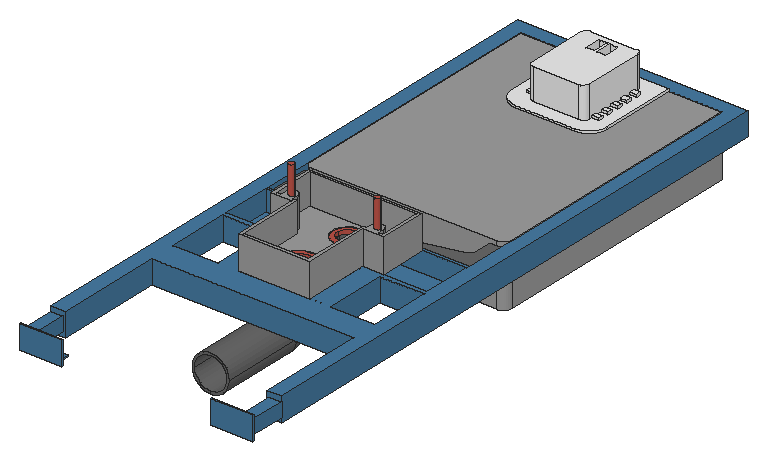
Revit family "In_Wall_Carrier-Grohe-Rapid_SLX- 39602000", category Plumbing Fixtures, host Face, Revit 2019
Family settings
  Host = Face
  Round Connector Dimension = Use Radius
  Part Type = Normal
  OmniClass Number = 23.45.05.21.14
  OmniClass Title = Sanitary Disposal Components
  Cut with Voids When Loaded = No
  Shared = Yes
  Room Calculation Point = No
Parameters (values of type "39602000")
  Width = 2"
  Waste Connection Height = 9 1/16"
  Waste Connection Diameter = 3 1/8"
  Waste Connection = yes
  Vent Connection = no
  URL = "https://www.grohe.us/"
  Type Comments = "For use with 6 ¼” x 7 ¾” (156 x 197mm) flush plates, please order shaft 66 791 000 (sold\r\nseparately)"
  Top Box Projection Constraint = if(Top Box Projection < 3/8", 3/8", if(Top Box Projection > 2 3/4", 2 3/4", Top Box Projection))  # 2 3/4"
  Top Box Projection = 2 3/4"
  Product Page URL = "https://www.grohe.us/Wall-Carrier-Flush-Valves/SLX-2-x-6-In-Wall-Carrier-and-Tank-For-Toilet/GROHE-NO-FINISH-39602000"
  Product Documentation Link = "https://americanstandard.box.com/shared/static/jkwt69pfm9tr5d8ar5vhsghrvmhoqrng.pdf"
  Model = "39602000"
  Material = "Steel-Grohe-Powder Coated"
  Manufacturer = "GROHE"
  Length = 19 7/16"
  Installation Type = "Floor Mounted"
  Inlet Connection Diameter = 1/2"
  Height = 44 1/2"
  HW Connection = no
  Flush Rate = "0.8-1.6gpf (3-6lpf)"
  Floor Depth Constraint = if(Floor Depth > 7 7/8", 7 7/8", Floor Depth)  # 7 7/8"
  Floor Depth = 7 7/8"
  Finish = Steel-Grohe-Powder Coated
  Description = "Rapid SLX 2” x 6” In-Wall Carrier"
  Default Elevation = 0"
  Creation Date = "10/13/2022"  # constant formula
  Compliance Certifications = "Massachusetts Plumbing Board Approved • ASSE 1002 • CSA B45.15 • CSA B125.3 • CSA B125.12 • ASME A112.6.2 • ASME A112.19.5 • ASME A112.1002"
  CalGreen Compliant = yes
  CW Connection = yes
  Back Outlet Piping Constraints = if(Back Outlet Piping < 5 5/16", 5 5/16", if(Back Outlet Piping > 6 1/8", 6 1/8", Back Outlet Piping))  # 5 5/16"
  Back Outlet Piping = 5 5/16"
  Assembly Code = "D2030400"
  ADA Compliant = yes
Reference planes (in)
  plane 1 "Center (Front/Back)": y = 0
  plane 2: z = 0
  plane 3 "Center (Left/Right)": x = 0
  plane 4: x = 9.875
  plane 5: x = -9.875
  plane 6: x = -9.71875
  plane 7: x = 9.71875
  plane 8: y = 44.5
  plane 9: y = -7.875
  plane 10: y = 9.0625
  plane 11: y = 39.375
  plane 12: z = -5.125
  plane 13: z = -2
  plane 14: z = 2.75
  plane 15: z = -5.3125
  plane 16: z = -3.75
Forms (in)
  Extrusion 1, solid, material "Steel-Grohe-Powder Coated"
    sketch origin (0, -7.875, -1) x (1, 0, 0) y (0, 1, 0)
      loop
        line (-8.71832, 3.14961) -> (-9.71875, 3.14961) -> (-9.71875, 0.11811) -> (-8.71832, 0.11811) -> (-8.71832, 3.14961)
      loop
        line (8.71832, 3.14961) -> (8.71832, 0.11811) -> (9.71875, 0.11811) -> (9.71875, 3.14961) -> (8.71832, 3.14961)
    from -0.60029 to 0.5816
  Extrusion 2, solid, material "Steel-Grohe-Powder Coated"
    sketch origin (0, -7.875, -1) x (1, 0, 0) y (0, 1, 0)
      loop
        line (-6.29921, 0.11811) -> (-9.84252, 0.11811) -> (-9.84252, 0) -> (-6.29921, 0) -> (-6.29921, 0.11811)
      loop
        line (6.29921, 0.11811) -> (6.29921, 0) -> (9.84252, 0) -> (9.84252, 0.11811) -> (6.29921, 0.11811)
    from -1 to 1
  Sweep 3, solid, material "Plastic-Grohe-PVC-Black"
    path origin (0, -1.26544, -1) x (0, 0, -1) y (0, 1, 0)
      loop
        line (-1, 15.65748) -> (0.93257, 15.65748)
        arc (0.93257, 15.65748) -> (1.62107, 15.94266) -> (1.90625, 16.63116) r 0.97368
        line (1.90625, 16.63116) -> (1.90625, 22.7395)
    profile origin (0, 14.39204, -0.96629) x (1, 0, 0) y (0, 1, 0)
      loop
        circle (0, 0) r 0.75
      loop
        circle (0, 0) r 0.84646
  Extrusion 4, solid, material "Steel-Grohe-Powder Coated"
    sketch origin (0, -11.24591, -1) x (1, 0, 0) y (0, 1, 0)
      loop
        line (-9.71875, 6.52052) -> (-8.50517, 6.52052) -> (-8.50517, 15.63764) -> (8.50517, 15.63764) -> (8.50517, 6.52052) -> (9.71875, 6.52052) -> (9.71875, 55.74591) -> (-9.71875, 55.74591) -> (-9.71875, 6.52052)
      loop
        line (-8.50517, 54.56481) -> (-8.50517, 27.91601) -> (8.50517, 27.91601) -> (8.50517, 54.56481) -> (-8.50517, 54.56481)
      loop
        line (8.50517, 23.15757) -> (4.75517, 23.15757) -> (4.75517, 17.98143) -> (3.00517, 17.98143) -> (3.00517, 23.15757) -> (-0.05431, 23.15757) -> (-3.00517, 23.15757) -> (-3.00517, 17.98143) -> (-4.75517, 17.98143) -> (-4.75517, 23.15757) -> (-8.50517, 23.15757) -> (-8.50517, 17.88764) -> (8.50517, 17.88764) -> (8.50517, 23.15757)
    from -1 to 1
  Extrusion 5, solid, material "Steel-Grohe-Powder Coated"
    sketch origin (0, -7.875, -1) x (1, 0, 0) y (0, 1, 0)
      loop
        arc (-8.38583, 1.20079) -> (-8.4415, 1.17772) -> (-8.46457, 1.12205) r 0.07874
        line (-8.46457, 1.12205) -> (-8.46457, 0.11811) -> (-6.69291, 0.11811) -> (-6.69291, 1.12205)
        arc (-6.69291, 1.12205) -> (-6.71598, 1.17772) -> (-6.77165, 1.20079) r 0.07874
        line (-6.77165, 1.20079) -> (-8.38583, 1.20079)
      loop
        line (8.38583, 1.20079) -> (6.77165, 1.20079)
        arc (6.77165, 1.20079) -> (6.71598, 1.17772) -> (6.69291, 1.12205) r 0.07874
        line (6.69291, 1.12205) -> (6.69291, 0.11811) -> (8.46457, 0.11811) -> (8.46457, 1.12205)
        arc (8.46457, 1.12205) -> (8.4415, 1.17772) -> (8.38583, 1.20079) r 0.07874
    from -0.93307 to -0.81496
  Extrusion 6, solid, material "Plastic-Grohe-PVC-Red"
    sketch origin (0, -1.34803, -1) x (1, 0, 0) y (0, 1, 0)
      loop
        circle (3.63017, 14.38468) r 0.23622
      loop
        circle (-3.63017, 14.38468) r 0.23622
    from -0.75575 to 6.10236
  Sweep 7, solid, material "Plastic-Grohe-PVC-Black"
    path origin (0, -1.27215, -0.85938) x (0, 0, -1) y (0, 1, 0)
      loop
        line (-0.85938, 10.33465) -> (0.85682, 10.33465)
        arc (0.85682, 10.33465) -> (2.29494, 9.73896) -> (2.89062, 8.30084) r 2.03381
        line (2.89062, 8.30084) -> (2.89062, 1.27215)
    profile origin (0, 9.0625, -0.8581) x (1, 0, 0) y (0, 1, 0)
      loop
        circle (0, 0) r 1.5625
      loop
        circle (0, 0) r 1.37533
  Extrusion 8, solid, material "Plastic-Grohe-PVC-White"
    sketch origin (0, -1.27215, -1) x (1, 0, 0) y (0, 1, 0)
      loop
        arc (-2.61811, 9.52638) -> (-2.59539, 9.47154) -> (-2.54055, 9.44882) r 0.07756
        line (-2.54055, 9.44882) -> (-2.06186, 9.44882)
        arc (-2.06186, 9.44882) -> (0, 12.57874) -> (2.06186, 9.44882) r 2.24409
        line (2.06186, 9.44882) -> (2.5398, 9.44882)
        arc (2.5398, 9.44882) -> (2.59518, 9.47175) -> (2.61811, 9.52712) r 0.07831
        line (2.61811, 9.52712) -> (2.61811, 13.4252) -> (-2.61811, 13.4252) -> (-2.61811, 9.52638)
    from 0.69916 to 1
  Extrusion 9, solid, material "Plastic-Grohe-PVC-White"
    sketch origin (0, -0.75333, -1) x (1, 0, 0) y (0, 1, 0)
      loop
        line (-2.40157, 42.75461) -> (-2.40157, 37.67343)
        arc (-2.40157, 37.67343) -> (-2.25513, 37.31988) -> (-1.90157, 37.17343) r 0.5
        line (-1.90157, 37.17343) -> (1.90157, 37.17343)
        arc (1.90157, 37.17343) -> (2.25513, 37.31988) -> (2.40157, 37.67343) r 0.5
        line (2.40157, 37.67343) -> (2.40157, 42.75461)
        arc (2.40157, 42.75461) -> (2.25513, 43.10816) -> (1.90157, 43.25461) r 0.5
        line (1.90157, 43.25461) -> (-1.90157, 43.25461)
        arc (-1.90157, 43.25461) -> (-2.25513, 43.10816) -> (-2.40157, 42.75461) r 0.5
      loop
        line (-0.85601, 42.74482) -> (-0.85601, 41.3464) -> (-0.10601, 41.3464) -> (-0.10601, 42.74482) -> (-0.85601, 42.74482)
      loop
        line (0.85601, 42.74482) -> (0.10601, 42.74482) -> (0.10601, 41.3464) -> (0.85601, 41.3464) -> (0.85601, 42.74482)
    from 0 to 3.75
  Extrusion 10, solid, material "Plastic-Grohe-PVC-White"
    sketch origin (0, -13.51184, -1) x (1, 0, 0) y (0, 1, 0)
      loop
        line (-4, 56.83074) -> (-4, 50.25712)
        arc (-4, 50.25712) -> (-3.56066, 49.19646) -> (-2.5, 48.75712) r 1.5
        line (-2.5, 48.75712) -> (2.5, 48.75712)
        arc (2.5, 48.75712) -> (3.56066, 49.19646) -> (4, 50.25712) r 1.5
        line (4, 50.25712) -> (4, 56.83074) -> (-4, 56.83074)
    from 0 to 1.15646
  Revolve 11, solid, material "Steel-Grohe-Powder Coated"
    sketch origin (-2, -7.875, -1) x (1, 0, 0) y (0, 1, 0)
      loop
        arc (-6.25984, 0.31102) -> (-6.31552, 0.28796) -> (-6.33858, 0.23228) r 0.07874
        line (-6.33858, 0.23228) -> (-6.33858, 0.13906)
        arc (-6.33858, 0.13906) -> (-6.33245, 0.12425) -> (-6.31764, 0.11811) r 0.02095
        line (-6.31764, 0.11811) -> (-5.98425, 0.11811) -> (-5.98425, 0.31102) -> (-6.25984, 0.31102)
      axis (-5.98425, 0.11811) -> (-5.98425, 0.31102)
    angle from 0 to 360
  Revolve 12, solid, material "Steel-Grohe-Powder Coated"
    sketch origin (-1.17323, -7.875, -1) x (1, 0, 0) y (0, 1, 0)
      loop
        arc (-6.25984, 0.31102) -> (-6.31552, 0.28796) -> (-6.33858, 0.23228) r 0.07874
        line (-6.33858, 0.23228) -> (-6.33858, 0.13906)
        arc (-6.33858, 0.13906) -> (-6.33245, 0.12425) -> (-6.31764, 0.11811) r 0.02095
        line (-6.31764, 0.11811) -> (-5.98425, 0.11811) -> (-5.98425, 0.31102) -> (-6.25984, 0.31102)
      axis (-5.98425, 0.11811) -> (-5.98425, 0.31102)
    angle from 0 to 360
  Revolve 13, solid, material "Steel-Grohe-Powder Coated"
    sketch origin (2, -7.875, -1) x (-1, 0, 0) y (0, -1, 0)
      loop
        line (-6.25984, -0.31102) -> (-5.98425, -0.31102) -> (-5.98425, -0.11811) -> (-6.31764, -0.11811)
        arc (-6.31764, -0.11811) -> (-6.33245, -0.12425) -> (-6.33858, -0.13906) r 0.02095
        line (-6.33858, -0.13906) -> (-6.33858, -0.23228)
        arc (-6.33858, -0.23228) -> (-6.31552, -0.28796) -> (-6.25984, -0.31102) r 0.07874
      axis (-5.98425, -0.11811) -> (-5.98425, -0.31102)
    angle from 0 to 360
  Revolve 14, solid, material "Steel-Grohe-Powder Coated"
    sketch origin (1.17323, -7.875, -1) x (-1, 0, 0) y (0, -1, 0)
      loop
        line (-6.25984, -0.31102) -> (-5.98425, -0.31102) -> (-5.98425, -0.11811) -> (-6.31764, -0.11811)
        arc (-6.31764, -0.11811) -> (-6.33245, -0.12425) -> (-6.33858, -0.13906) r 0.02095
        line (-6.33858, -0.13906) -> (-6.33858, -0.23228)
        arc (-6.33858, -0.23228) -> (-6.31552, -0.28796) -> (-6.25984, -0.31102) r 0.07874
      axis (-5.98425, -0.11811) -> (-5.98425, -0.31102)
    angle from 0 to 360
  Revolve 15, solid, material "Plastic-Grohe-PVC-Black"
    sketch origin (0, 1.75409, 0) x (0, 0, -1) y (0, 1, 0)
      loop
        arc (4.19131, 19.00174) -> (4.2753, 19.19037) -> (4.46674, 19.26772) r 0.27559
        line (4.46674, 19.26772) -> (3.05173, 19.26772) -> (3.05173, 18.48031) -> (4.13509, 18.48031)
        arc (4.13509, 18.48031) -> (4.16243, 18.49136) -> (4.17443, 18.51831) r 0.03937
        line (4.17443, 18.51831) -> (4.19131, 19.00174)
      axis (3.05173, 19.26772) -> (3.05173, 18.48031)
    angle from 0 to 360
  Revolve 16, solid, material "Plastic-Grohe-PVC-Red"
    sketch origin (0, -1.27215, -1.14063) x (0, 0, -1) y (0, 1, 0)
      loop
        arc (-1.34449, 12.5) -> (-1.41409, 12.47117) -> (-1.44291, 12.40157) r 0.09843
        line (-1.44291, 12.40157) -> (-1.44291, 12.34265)
        arc (-1.44291, 12.34265) -> (-1.45448, 12.31472) -> (-1.48242, 12.30315) r 0.0395
        line (-1.48242, 12.30315) -> (-1.56102, 12.30315) -> (-1.56102, 11.89716) -> (-1.14063, 11.89716) -> (-1.14063, 12.5) -> (-1.34449, 12.5)
      axis (-1.14063, 10.33465) -> (-1.56102, 10.33465)
    angle from 0 to 360
  Extrusion 17, solid, material "Plastic-Grohe-PVC-Red"
    sketch origin (0, 1.75409, 0) x (1, 0, 0) y (0, 1, 0)
      loop
        circle (0, 12.6378) r 0.84646
      loop
        circle (0, 12.6378) r 1.24016
    from 0 to 0.29515
  Extrusion 18, solid, material "Plastic-Grohe-PVC-Grey"
    sketch origin (0, 0, 0) x (1, 0, 0) y (0, 1, 0)
      loop
        line (-3.00517, 6.64173) -> (3.00517, 6.64173) -> (3.00517, 12.28665) -> (4.75517, 12.28665) -> (4.75517, 16.2951) -> (-4.75517, 16.2951) -> (-4.75517, 12.28665) -> (-3.00517, 12.28665) -> (-3.00517, 6.64173)
      loop
        line (-4.50517, 12.53665) -> (-4.13017, 12.53665) -> (-4.13017, 13.03665)
        arc (-4.13017, 13.03665) -> (-3.63017, 13.53665) -> (-3.13017, 13.03665) r 0.5
        line (-3.13017, 13.03665) -> (-3.13017, 12.53665) -> (-2.75517, 12.53665) -> (-2.75517, 6.89173) -> (2.75517, 6.89173) -> (2.75517, 12.53665) -> (3.13017, 12.53665) -> (3.13017, 13.03665)
        arc (3.13017, 13.03665) -> (3.63017, 13.53665) -> (4.13017, 13.03665) r 0.5
        line (4.13017, 13.03665) -> (4.13017, 12.53665) -> (4.50517, 12.53665) -> (4.50517, 16.0451) -> (-4.50517, 16.0451) -> (-4.50517, 12.53665)
    from 0 to 2.81693
  Extrusion 19, solid, material "Plastic-Grohe-PVC-White"
    sketch origin (0, 0, 0) x (1, 0, 0) y (0, 1, 0)
      loop
        line (-2.40157, 41.52493) -> (-3.02171, 41.52493) -> (-3.02171, 41.11756) -> (-2.40157, 41.11756) -> (-2.40157, 41.52493)
      loop
        line (-2.40157, 40.52493) -> (-3.02171, 40.52493) -> (-3.02171, 40.11756) -> (-2.40157, 40.11756) -> (-2.40157, 40.52493)
      loop
        line (-2.40157, 39.52493) -> (-3.02171, 39.52493) -> (-3.02171, 39.11756) -> (-2.40157, 39.11756) -> (-2.40157, 39.52493)
      loop
        line (-2.40157, 38.52493) -> (-3.02171, 38.52493) -> (-3.02171, 38.11756) -> (-2.40157, 38.11756) -> (-2.40157, 38.52493)
      loop
        line (-2.40157, 37.52493) -> (-3.02171, 37.52493) -> (-3.02171, 37.11756) -> (-2.40157, 37.11756) -> (-2.40157, 37.52493)
      loop
        line (2.40157, 41.52493) -> (2.40157, 41.11756) -> (3.02171, 41.11756) -> (3.02171, 41.52493) -> (2.40157, 41.52493)
      loop
        line (2.40157, 40.52493) -> (2.40157, 40.11756) -> (3.02171, 40.11756) -> (3.02171, 40.52493) -> (2.40157, 40.52493)
      loop
        line (2.40157, 39.52493) -> (2.40157, 39.11756) -> (3.02171, 39.11756) -> (3.02171, 39.52493) -> (2.40157, 39.52493)
      loop
        line (2.40157, 38.52493) -> (2.40157, 38.11756) -> (3.02171, 38.11756) -> (3.02171, 38.52493) -> (2.40157, 38.52493)
      loop
        line (2.40157, 37.52493) -> (2.40157, 37.11756) -> (3.02171, 37.11756) -> (3.02171, 37.52493) -> (2.40157, 37.52493)
    from 0 to 0.33304
  Extrusion 20, solid, material "Plastic-Grohe-PVC-Grey"
    sketch origin (0, 0, 0) x (1, 0, 0) y (0, 1, 0)
      loop
        line (-7.75517, 20.4201) -> (7.75517, 20.4201)
        arc (7.75517, 20.4201) -> (8.2855, 20.63977) -> (8.50517, 21.1701) r 0.75
        line (8.50517, 21.1701) -> (8.50517, 43.3189) -> (4, 43.3189) -> (4, 36.74528)
        arc (4, 36.74528) -> (3.56066, 35.68462) -> (2.5, 35.24528) r 1.5
        line (2.5, 35.24528) -> (-2.5, 35.24528)
        arc (-2.5, 35.24528) -> (-3.56066, 35.68462) -> (-4, 36.74528) r 1.5
        line (-4, 36.74528) -> (-4, 43.3189) -> (-8.50517, 43.3189) -> (-8.50517, 21.1701)
        arc (-8.50517, 21.1701) -> (-8.2855, 20.63977) -> (-7.75517, 20.4201) r 0.75
    from -5.125 to 0
  Extrusion 21, void
    sketch origin (0, 0, 0) x (1, 0, 0) y (0, 1, 0)
      loop
        line (-8.51056, 16.38809) -> (-8.51056, 12.1929) -> (8.48944, 12.1929) -> (8.48944, 16.38809) -> (-8.51056, 16.38809)
    from -1.69891 to 0
  Extrusion 22, solid, material "Steel-Grohe-Powder Coated", not visible
    sketch origin (0, -11.24591, -1) x (1, 0, 0) y (0, 1, 0)
      loop
        line (-8.71832, 3.14961) -> (-9.71875, 3.14961) -> (-9.71875, 0.11811) -> (-8.71832, 0.11811) -> (-8.71832, 3.14961)
      loop
        line (8.71832, 3.14961) -> (8.71832, 0.11811) -> (9.71875, 0.11811) -> (9.71875, 3.14961) -> (8.71832, 3.14961)
    from -0.60029 to 0.5816
  Extrusion 23, solid, material "Steel-Grohe-Powder Coated", not visible
    sketch origin (0, -11.24591, -1) x (1, 0, 0) y (0, 1, 0)
      loop
        line (-6.29921, 0.11811) -> (-9.84252, 0.11811) -> (-9.84252, 0) -> (-6.29921, 0) -> (-6.29921, 0.11811)
      loop
        line (6.29921, 0.11811) -> (6.29921, 0) -> (9.84252, 0) -> (9.84252, 0.11811) -> (6.29921, 0.11811)
    from -1 to 1
  Extrusion 24, solid, material "Steel-Grohe-Powder Coated", not visible
    sketch origin (0, -11.24591, -1) x (1, 0, 0) y (0, 1, 0)
      loop
        arc (-8.38583, 1.20079) -> (-8.4415, 1.17772) -> (-8.46457, 1.12205) r 0.07874
        line (-8.46457, 1.12205) -> (-8.46457, 0.11811) -> (-6.69291, 0.11811) -> (-6.69291, 1.12205)
        arc (-6.69291, 1.12205) -> (-6.71598, 1.17772) -> (-6.77165, 1.20079) r 0.07874
        line (-6.77165, 1.20079) -> (-8.38583, 1.20079)
      loop
        line (8.38583, 1.20079) -> (6.77165, 1.20079)
        arc (6.77165, 1.20079) -> (6.71598, 1.17772) -> (6.69291, 1.12205) r 0.07874
        line (6.69291, 1.12205) -> (6.69291, 0.11811) -> (8.46457, 0.11811) -> (8.46457, 1.12205)
        arc (8.46457, 1.12205) -> (8.4415, 1.17772) -> (8.38583, 1.20079) r 0.07874
    from -0.93307 to -0.81496
  Revolve 25, solid, material "Steel-Grohe-Powder Coated", not visible
    sketch origin (-2, -11.24591, -1) x (1, 0, 0) y (0, 1, 0)
      loop
        arc (-6.25984, 0.31102) -> (-6.31552, 0.28796) -> (-6.33858, 0.23228) r 0.07874
        line (-6.33858, 0.23228) -> (-6.33858, 0.13906)
        arc (-6.33858, 0.13906) -> (-6.33245, 0.12425) -> (-6.31764, 0.11811) r 0.02095
        line (-6.31764, 0.11811) -> (-5.98425, 0.11811) -> (-5.98425, 0.31102) -> (-6.25984, 0.31102)
      axis (-5.98425, 0.11811) -> (-5.98425, 0.31102)
    angle from 0 to 360
  Revolve 26, solid, material "Steel-Grohe-Powder Coated", not visible
    sketch origin (-1.17323, -11.24591, -1) x (1, 0, 0) y (0, 1, 0)
      loop
        arc (-6.25984, 0.31102) -> (-6.31552, 0.28796) -> (-6.33858, 0.23228) r 0.07874
        line (-6.33858, 0.23228) -> (-6.33858, 0.13906)
        arc (-6.33858, 0.13906) -> (-6.33245, 0.12425) -> (-6.31764, 0.11811) r 0.02095
        line (-6.31764, 0.11811) -> (-5.98425, 0.11811) -> (-5.98425, 0.31102) -> (-6.25984, 0.31102)
      axis (-5.98425, 0.11811) -> (-5.98425, 0.31102)
    angle from 0 to 360
  Revolve 27, solid, material "Steel-Grohe-Powder Coated", not visible
    sketch origin (2, -11.24591, -1) x (-1, 0, 0) y (0, -1, 0)
      loop
        line (-6.25984, -0.31102) -> (-5.98425, -0.31102) -> (-5.98425, -0.11811) -> (-6.31764, -0.11811)
        arc (-6.31764, -0.11811) -> (-6.33245, -0.12425) -> (-6.33858, -0.13906) r 0.02095
        line (-6.33858, -0.13906) -> (-6.33858, -0.23228)
        arc (-6.33858, -0.23228) -> (-6.31552, -0.28796) -> (-6.25984, -0.31102) r 0.07874
      axis (-5.98425, -0.11811) -> (-5.98425, -0.31102)
    angle from 0 to 360
  Revolve 28, solid, material "Steel-Grohe-Powder Coated", not visible
    sketch origin (1.17323, -11.24591, -1) x (-1, 0, 0) y (0, -1, 0)
      loop
        line (-6.25984, -0.31102) -> (-5.98425, -0.31102) -> (-5.98425, -0.11811) -> (-6.31764, -0.11811)
        arc (-6.31764, -0.11811) -> (-6.33245, -0.12425) -> (-6.33858, -0.13906) r 0.02095
        line (-6.33858, -0.13906) -> (-6.33858, -0.23228)
        arc (-6.33858, -0.23228) -> (-6.31552, -0.28796) -> (-6.25984, -0.31102) r 0.07874
      axis (-5.98425, -0.11811) -> (-5.98425, -0.31102)
    angle from 0 to 360
  Extrusion 29, solid, material "Plastic-Grohe-PVC-Grey"
    sketch origin (0, 0, 0) x (1, 0, 0) y (0, 1, 0)
      loop
        line (4.75517, 16.2951) -> (-4.75517, 16.2951) -> (-4.75517, 12.28665) -> (-3.00517, 12.28665) -> (-3.00517, 6.64173) -> (3.00517, 6.64173) -> (3.00517, 12.28665) -> (4.75517, 12.28665) -> (4.75517, 16.2951)
      loop
        circle (0, 14.39188) r 1.24016
      loop
        circle (0, 9.0625) r 1.9685
    from 0 to 0.29515
  Extrusion 30, solid, material "Plastic-Grohe-PVC-Black"
    sketch origin (0, 0, 0) x (1, 0, 0) y (0, 1, 0)
      loop
        line (-8.50517, 16.45774) -> (-1.70375, 16.45774)
        arc (-1.70375, 16.45774) -> (-1.54983, 16.51074) -> (-1.46118, 16.64726) r 0.25
        line (-1.46118, 16.64726) -> (-1.42726, 16.78328)
        arc (-1.42726, 16.78328) -> (-1.45554, 16.97252) -> (-1.60935, 17.08634) r 0.25
        line (-1.60935, 17.08634) -> (-6.87613, 18.39949)
        arc (-6.87613, 18.39949) -> (-7.14917, 18.57681) -> (-7.25517, 18.88464) r 0.5
        line (-7.25517, 18.88464) -> (-7.25517, 20.4201) -> (-8.50517, 20.4201) -> (-8.50517, 16.45774)
      loop
        line (8.50517, 16.45774) -> (8.50517, 20.4201) -> (7.25517, 20.4201) -> (7.25517, 18.88464)
        arc (7.25517, 18.88464) -> (7.14917, 18.57681) -> (6.87613, 18.39949) r 0.5
        line (6.87613, 18.39949) -> (1.60935, 17.08634)
        arc (1.60935, 17.08634) -> (1.45554, 16.97252) -> (1.42726, 16.78328) r 0.25
        line (1.42726, 16.78328) -> (1.46117, 16.64726)
        arc (1.46117, 16.64726) -> (1.54983, 16.51074) -> (1.70375, 16.45774) r 0.25
        line (1.70375, 16.45774) -> (8.50517, 16.45774)
    from -1.27251 to -0.31317
Cuts and joins
  Extrusion 21 cuts Extrusion 4
  joined: Sweep 3, Revolve 15
  joined: Revolve 16, Extrusion 17
  joined: Extrusion 18, Extrusion 29
Lines and regions (in)
  Masking region 1, detail levels medium+fine
    outline origin (-12.31299, 44.5, -1) x (1, 0, 0) y (0, 0, -1)
      loop
        line (2.47047, -1) -> (22.15551, -1) -> (22.15551, 1) -> (20.81816, 1) -> (20.81816, 4.125) -> (13.05514, 4.125)
        arc (13.05514, 4.125) -> (12.31299, 4.3125) -> (11.57085, 4.125) r 1.5625
        line (11.57085, 4.125) -> (3.80782, 4.125) -> (3.80782, 1) -> (2.47047, 1) -> (2.47047, -1)
  Masking region 2
    outline origin (9.84252, 44.5, 0) x (0, 0, 1) y (1, 0, 0)
      loop
        line (0, -5.08735) -> (0, -14.59769) -> (2.81693, -14.59769) -> (2.81693, -13.70891) -> (5.10236, -13.70891) -> (5.10236, -13.23647) -> (2.81693, -13.23647) -> (2.81693, -6.44857) -> (5.10236, -6.44857) -> (5.10236, -5.97613) -> (2.81693, -5.97613) -> (2.81693, -5.08735) -> (0, -5.08735)
  symbolic lines, detail levels medium+fine
    curve 1: line (4, 44.5, 0) -> (4, 44.5, 0.15646)
    curve 2: line (4, 44.5, 0.15646) -> (-4, 44.5, 0.15646)
    curve 3: line (-4, 44.5, 0.15646) -> (-4, 44.5, 0)
    curve 4: line (2.40157, 44.5, 2.75) -> (2.40157, 44.5, 0.15646)
    curve 5: line (2.40157, 44.5, 2.75) -> (-2.40157, 44.5, 2.75)
    curve 6: line (-2.40157, 44.5, 2.75) -> (-2.40157, 44.5, 0.15646)
    curve 9: line (3.86639, 44.5, 2.81693) -> (3.39395, 44.5, 2.81693)
    curve 10: line (-3.39395, 44.5, 2.81693) -> (-3.86639, 44.5, 2.81693)
  symbolic lines, detail levels fine
    curve 7: line (2.40157, 44.5, 0.33304) -> (3.02171, 44.5, 0.33304)
    curve 8: line (3.02171, 44.5, 0.33304) -> (3.02171, 44.5, 0.15646)
    curve 11: line (-2.40157, 44.5, 0.33304) -> (-3.02171, 44.5, 0.33304)
    curve 12: line (-3.02171, 44.5, 0.33304) -> (-3.02171, 44.5, 0.15646)
Dimensions and locks (in)
  cut or joined group of Extrusion 4, Extrusion 21 to cut or joined group of Extrusion 4, Extrusion 21 = 2"
  plane 5 to Extrusion 2 = 3.57579"
  equal spacing: plane 6, plane 3 "Center (Left/Right)", plane 7
  "Length": plane 6 to plane 7
  plane 8 to plane 1 "Center (Front/Back)" = 44 1/2"
  "Floor Depth Constraint": plane 9 to plane 1 "Center (Front/Back)"
  plane 1 "Center (Front/Back)" to plane 10 = 9 1/16"
  plane 1 "Center (Front/Back)" to plane 11 = 39 3/8"
  level to plane 12 = 5 1/8"
  level to plane 13 = 2"
  "Top Box Projection Constraint": plane 14 to level
  "Back Outlet Piping Constraints": level to plane 15
  locked: plane 16 to plane 15 at 1.5625
  aligned and locked: plane 2 to host face
  aligned and locked: level to host face
  aligned and locked: plane 7 to Extrusion 4 sketch curve
  aligned and locked: plane 6 to Extrusion 4 sketch curve
  aligned and locked: Extrusion 4 sketch curve to plane 8
  aligned and locked: host face to Extrusion 21
  aligned and locked: Extrusion 1 to plane 6
  aligned and locked: Extrusion 1 to plane 7
  aligned and locked: Extrusion 2 to plane 9
  aligned and locked: Extrusion 4 sketch curve to Extrusion 1
  aligned and locked: Extrusion 4 sketch curve to Extrusion 4 sketch curve
  aligned and locked: Extrusion 10 to Extrusion 9
  aligned and locked: plane 14 to Extrusion 9
  aligned and locked: plane 1 "Center (Front/Back)" to Sweep 7 sketch curve
  aligned and locked: Extrusion 20 to plane 12
  aligned and locked: plane 16 to Sweep 7 sketch curve
Automatic sketch dimensions
  host sketch curve to host sketch curve = 96"  (x2)
  Extrusion 1 sketch curve to Extrusion 1 sketch curve = 1.00043"  (x2)
  Extrusion 1 sketch curve to Extrusion 1 sketch curve = 3.0315"  (x2)
  Extrusion 2 sketch curve to Extrusion 2 sketch curve = 3.54331"  (x2)
  Extrusion 2 sketch curve to Extrusion 2 sketch curve = 0.11811"  (x2)
  Sweep 3 sketch curve to level = 0"
  Sweep 3 sketch curve to level = 1.93257"
  Sweep 3 sketch curve to Sweep 3 sketch curve = 0.97368"
  Sweep 3 sketch curve to plane 1 "Center (Front/Back)" = 14.39204"
  Sweep 3 sketch curve to Sweep 3 sketch curve = 6.10834"
  Sweep 3 sketch curve to Sweep 3 sketch curve = 0"  (x2)
  profile plane to Sweep 3 sketch curve = 0"
  Sweep 3 sketch curve to profile plane = 0"
  Extrusion 5 sketch curve to Extrusion 5 sketch curve = 0.07874"  (x4)
  Extrusion 5 sketch curve to Extrusion 5 sketch curve = 1.61417"  (x2)
  Extrusion 5 sketch curve to Extrusion 5 sketch curve = 1.00394"  (x2)
  Extrusion 8 sketch curve to plane 3 "Center (Left/Right)" = 0"
  Extrusion 8 sketch curve to plane 3 "Center (Left/Right)" = 2.06186"
  Extrusion 8 sketch curve to Extrusion 8 sketch curve = 0.47868"
  Extrusion 8 sketch curve to Extrusion 8 sketch curve = 0.07756"
  plane 3 "Center (Left/Right)" to Extrusion 8 sketch curve = 2.06186"
  Extrusion 8 sketch curve to Extrusion 8 sketch curve = 0.47794"
  Extrusion 8 sketch curve to Extrusion 8 sketch curve = 0.07831"
  Extrusion 8 sketch curve to plane 1 "Center (Front/Back)" = 8.17667"
  Extrusion 8 sketch curve to Extrusion 8 sketch curve = 0.88583"
  Extrusion 8 sketch curve to plane 1 "Center (Front/Back)" = 12.15305"
  Revolve 11 sketch curve to Revolve 11 sketch curve = 0.02095"
  Revolve 11 sketch curve to Revolve 11 sketch curve = 0.07874"
  Revolve 11 sketch curve to Revolve 11 sketch curve = 0.27559"
  Revolve 11 sketch curve to Revolve 11 sketch curve = 0.09323"
  Revolve 11 sketch curve to Revolve 11 sketch curve = 0"  (x2)
  Revolve 11 sketch curve to Revolve 11 sketch curve = 0.1538"
  Revolve 12 sketch curve to Revolve 12 sketch curve = 0.02095"
  Revolve 12 sketch curve to Revolve 12 sketch curve = 0.07874"
  Revolve 12 sketch curve to Revolve 12 sketch curve = 0.27559"
  Revolve 12 sketch curve to Revolve 12 sketch curve = 0.09323"
  Revolve 12 sketch curve to Revolve 12 sketch curve = 0"  (x2)
  Revolve 12 sketch curve to Revolve 12 sketch curve = 0.1538"
  Revolve 13 sketch curve to Revolve 13 sketch curve = 0.02095"
  Revolve 13 sketch curve to Revolve 13 sketch curve = 0.07874"
  Revolve 13 sketch curve to Revolve 13 sketch curve = 0.27559"
  Revolve 13 sketch curve to Revolve 13 sketch curve = 0.09323"
  Revolve 13 sketch curve to Revolve 13 sketch curve = 0"  (x2)
  Revolve 13 sketch curve to Revolve 13 sketch curve = 0.1538"
  Revolve 14 sketch curve to Revolve 14 sketch curve = 0.02095"
  Revolve 14 sketch curve to Revolve 14 sketch curve = 0.07874"
  Revolve 14 sketch curve to Revolve 14 sketch curve = 0.27559"
  Revolve 14 sketch curve to Revolve 14 sketch curve = 0.09323"
  Revolve 14 sketch curve to Revolve 14 sketch curve = 0"  (x2)
  Revolve 14 sketch curve to Revolve 14 sketch curve = 0.1538"
  Revolve 15 sketch curve to level = 3.05173"
  Revolve 15 sketch curve to Revolve 15 sketch curve = 1.08335"
  Revolve 15 sketch curve to Revolve 15 sketch curve = 0.03935"
  Revolve 15 sketch curve to Revolve 15 sketch curve = 0.01688"
  Revolve 15 sketch curve to Revolve 15 sketch curve = 0.27542"
  Revolve 15 sketch curve to plane 1 "Center (Front/Back)" = 20.2344"
  Revolve 15 sketch curve to Revolve 15 sketch curve = 0.038"
  Revolve 15 sketch curve to Revolve 15 sketch curve = 0.47381"
  Revolve 15 sketch curve to Revolve 15 sketch curve = 0.00962"
  Revolve 15 sketch curve to Revolve 15 sketch curve = 0.7874"
  Revolve 15 sketch curve to Revolve 15 sketch curve = 0"  (x3)
  Revolve 15 sketch curve to Revolve 15 sketch curve = 3/4"
  Extrusion 17 sketch curve to Extrusion 17 sketch curve = 0"  (x2)
  Extrusion 17 sketch curve to plane 3 "Center (Left/Right)" = 0"
  Extrusion 17 sketch curve to plane 1 "Center (Front/Back)" = 14.39188"
  Extrusion 18 sketch curve to plane 3 "Center (Left/Right)" = 4.75517"
  Extrusion 18 sketch curve to Extrusion 18 sketch curve = 1/4"  (x10)
  Extrusion 18 sketch curve to Extrusion 18 sketch curve = 3/8"  (x2)
  Extrusion 18 sketch curve to Extrusion 18 sketch curve = 1/2"  (x4)
  Extrusion 18 sketch curve to Extrusion 18 sketch curve = 1/8"  (x2)
  plane 3 "Center (Left/Right)" to Extrusion 18 sketch curve = 2.75517"
  Extrusion 18 sketch curve to plane 10 = 2.42077"
  plane 10 to Extrusion 18 sketch curve = 3.22415"  (x2)
  Extrusion 18 sketch curve to Extrusion 18 sketch curve = 3.00845"
  Extrusion 10 sketch curve to plane 8 = 1.1811"
  Extrusion 10 sketch curve to plane 3 "Center (Left/Right)" = 4"
  Extrusion 10 sketch curve to Extrusion 10 sketch curve = 1 1/2"  (x2)
  plane 3 "Center (Left/Right)" to Extrusion 10 sketch curve = 2 1/2"
  Extrusion 10 sketch curve to plane 11 = 2.62972"
  Extrusion 19 sketch curve to plane 11 = 0.25744"  (x2)
  Extrusion 19 sketch curve to plane 3 "Center (Left/Right)" = 3.02171"
  Extrusion 19 sketch curve to Extrusion 19 sketch curve = 0"  (x15)
  plane 11 to Extrusion 19 sketch curve = 0.14993"  (x2)
  Extrusion 19 sketch curve to Extrusion 19 sketch curve = 0.62013"  (x2)
  plane 3 "Center (Left/Right)" to Extrusion 19 sketch curve = 2.40157"  (x2)
  Extrusion 19 sketch curve to Extrusion 19 sketch curve = 0.59263"  (x8)
  Extrusion 19 sketch curve to Extrusion 19 sketch curve = 0.40737"  (x8)
  plane 6 to Extrusion 20 sketch curve = 1.21358"
  Extrusion 20 sketch curve to Extrusion 20 sketch curve = 3/4"  (x2)
  Extrusion 20 sketch curve to plane 8 = 1.1811"  (x2)
  Extrusion 20 sketch curve to plane 3 "Center (Left/Right)" = 4"
  Extrusion 20 sketch curve to Extrusion 20 sketch curve = 1 1/2"
  plane 3 "Center (Left/Right)" to Extrusion 20 sketch curve = 2 1/2"
  plane 3 "Center (Left/Right)" to Extrusion 20 sketch curve = 4"
  plane 7 to Extrusion 20 sketch curve = 1.96358"
  Extrusion 20 sketch curve to plane 11 = 2.62972"
  plane 10 to Extrusion 20 sketch curve = 12.1076"
  plane 6 to Extrusion 21 sketch curve = 1.20819"
  plane 7 to Extrusion 21 sketch curve = 1.22931"
  Extrusion 21 sketch curve to Extrusion 21 sketch curve = 4.19519"
  plane 10 to Extrusion 21 sketch curve = 3.1304"
  Extrusion 1 sketch curve to Extrusion 1 sketch curve = 17.43664"
  Extrusion 1 sketch curve to Extrusion 1 sketch curve = 0"
  Extrusion 2 sketch curve to Extrusion 2 sketch curve = 12.59843"
  Extrusion 2 sketch curve to Extrusion 2 sketch curve = 0"
  Extrusion 5 sketch curve to Extrusion 5 sketch curve = 13.38583"
  Extrusion 5 sketch curve to Extrusion 5 sketch curve = 0"
  Extrusion 22 sketch curve to Extrusion 22 sketch curve = 1.00043"  (x2)
  Extrusion 22 sketch curve to Extrusion 22 sketch curve = 3.0315"  (x2)
  Extrusion 23 sketch curve to Extrusion 23 sketch curve = 3.54331"  (x2)
  Extrusion 23 sketch curve to Extrusion 23 sketch curve = 0.11811"  (x2)
  Extrusion 24 sketch curve to Extrusion 24 sketch curve = 0.07874"  (x4)
  Extrusion 24 sketch curve to Extrusion 24 sketch curve = 1.61417"  (x2)
  Extrusion 24 sketch curve to Extrusion 24 sketch curve = 1.00394"  (x2)
  Revolve 25 sketch curve to Revolve 25 sketch curve = 0.02095"
  Revolve 25 sketch curve to Revolve 25 sketch curve = 0.07874"
  Revolve 25 sketch curve to Revolve 25 sketch curve = 0.27559"
  Revolve 25 sketch curve to Revolve 25 sketch curve = 0.09323"
  Revolve 25 sketch curve to Revolve 25 sketch curve = 0"  (x2)
  Revolve 25 sketch curve to Revolve 25 sketch curve = 0.1538"
  Revolve 26 sketch curve to Revolve 26 sketch curve = 0.02095"
  Revolve 26 sketch curve to Revolve 26 sketch curve = 0.07874"
  Revolve 26 sketch curve to Revolve 26 sketch curve = 0.27559"
  Revolve 26 sketch curve to Revolve 26 sketch curve = 0.09323"
  Revolve 26 sketch curve to Revolve 26 sketch curve = 0"  (x2)
  Revolve 26 sketch curve to Revolve 26 sketch curve = 0.1538"
  Revolve 27 sketch curve to Revolve 27 sketch curve = 0.02095"
  Revolve 27 sketch curve to Revolve 27 sketch curve = 0.07874"
  Revolve 27 sketch curve to Revolve 27 sketch curve = 0.27559"
  Revolve 27 sketch curve to Revolve 27 sketch curve = 0.09323"
  Revolve 27 sketch curve to Revolve 27 sketch curve = 0"  (x2)
  Revolve 27 sketch curve to Revolve 27 sketch curve = 0.1538"
  Revolve 28 sketch curve to Revolve 28 sketch curve = 0.02095"
  Revolve 28 sketch curve to Revolve 28 sketch curve = 0.07874"
  Revolve 28 sketch curve to Revolve 28 sketch curve = 0.27559"
  Revolve 28 sketch curve to Revolve 28 sketch curve = 0.09323"
  Revolve 28 sketch curve to Revolve 28 sketch curve = 0"  (x2)
  Revolve 28 sketch curve to Revolve 28 sketch curve = 0.1538"
  Extrusion 22 sketch curve to Extrusion 22 sketch curve = 17.43664"
  Extrusion 22 sketch curve to Extrusion 22 sketch curve = 0"
  Extrusion 23 sketch curve to Extrusion 23 sketch curve = 12.59843"
  Extrusion 23 sketch curve to Extrusion 23 sketch curve = 0"
  Extrusion 24 sketch curve to Extrusion 24 sketch curve = 13.38583"
  Extrusion 24 sketch curve to Extrusion 24 sketch curve = 0"
  plane 6 to Extrusion 4 sketch curve = 1.21358"  (x3)
  Extrusion 4 sketch curve to Extrusion 4 sketch curve = 3 3/4"
  Extrusion 4 sketch curve to Extrusion 4 sketch curve = 1 3/4"  (x2)
  Extrusion 4 sketch curve to plane 3 "Center (Left/Right)" = 0.05431"
  plane 3 "Center (Left/Right)" to Extrusion 4 sketch curve = 3.00517"
  plane 7 to Extrusion 4 sketch curve = 1.21358"  (x3)
  Extrusion 4 sketch curve to plane 10 = 2.32698"  (x2)
  plane 10 to Extrusion 4 sketch curve = 2.84915"  (x2)
  Extrusion 4 sketch curve to Extrusion 4 sketch curve = 0"
  Extrusion 4 sketch curve to Extrusion 4 sketch curve = 4.75845"
  Extrusion 4 sketch curve to plane 8 = 1.1811"
  Extrusion 4 sketch curve to Extrusion 4 sketch curve = 2 1/4"
  Extrusion 4 sketch curve to Extrusion 4 sketch curve = 0.09379"
  Extrusion 6 sketch curve to plane 3 "Center (Left/Right)" = 3.63017"
  plane 3 "Center (Left/Right)" to Extrusion 6 sketch curve = 3.63017"
  plane 10 to Extrusion 6 sketch curve = 3.97415"  (x2)
  Sweep 7 sketch curve to level = 0"
  Sweep 7 sketch curve to plane 10 = 0"
  plane 13 to Sweep 7 sketch curve = 0.28381"
  Sweep 7 sketch curve to Sweep 7 sketch curve = 0"  (x2)
  profile plane to Sweep 7 sketch curve = 0"
  Sweep 7 sketch curve to profile plane = 0"
  Revolve 16 sketch curve to plane 10 = 0"
  Revolve 16 sketch curve to level = 0"
  level to Revolve 16 sketch curve = 0.20386"
  Revolve 16 sketch curve to Revolve 16 sketch curve = 0.09843"
  Revolve 16 sketch curve to Revolve 16 sketch curve = 0.0395"
  Revolve 16 sketch curve to Revolve 16 sketch curve = 0.07861"
  plane 10 to Revolve 16 sketch curve = 1 9/16"
  Revolve 16 sketch curve to Revolve 16 sketch curve = 0.40599"
  Revolve 16 sketch curve to Revolve 16 sketch curve = 0.05892"
  Revolve 16 sketch curve to plane 14 = 1.29808"
  Revolve 16 sketch curve to level = 9/64"
  Masking region 1 sketch curve to Extrusion 4 = 0"  (x3)
  Masking region 1 sketch curve to Extrusion 4 = 0.12377"  (x2)
  Extrusion 4 to Masking region 1 sketch curve = 1.21358"  (x2)
  Masking region 1 sketch curve to Extrusion 4 = 3 1/8"
  Masking region 1 sketch curve to Masking region 1 sketch curve = 7.76302"
  Masking region 1 sketch curve to Masking region 1 sketch curve = 0.74215"
  Masking region 1 sketch curve to Masking region 1 sketch curve = 1.48429"
  Masking region 1 sketch curve to Masking region 1 sketch curve = 1 3/8"
  Masking region 2 sketch curve to Masking region 1 = 0"
  Masking region 1 to Masking region 2 sketch curve = 2.81693"  (x2)
  Masking region 2 sketch curve to Masking region 2 sketch curve = 0"
  Masking region 2 sketch curve to Masking region 2 sketch curve = 2.28543"  (x2)
  Masking region 2 sketch curve to Masking region 1 = 4.63878"
  Masking region 2 sketch curve to Masking region 2 sketch curve = 0.47244"  (x2)
  Masking region 2 sketch curve to Masking region 1 = 5.11122"
  Masking region 2 sketch curve to Masking region 2 sketch curve = 0.88878"  (x2)
  curve 3 to Masking region 1 = 0"
  curve 1 to Masking region 1 = 0"
  Masking region 1 to curve 2 = 0.15646"
  curve 12 to curve 11 = 0.17659"
  curve 8 to curve 7 = 0.17659"
  curve 11 to curve 6 = 2.41696"
  curve 2 to Masking region 1 = 4.50517"
  curve 2 to curve 11 = 0.97829"
  curve 11 to curve 5 = 0.62013"
  curve 5 to curve 4 = 4.80315"
  curve 7 to curve 8 = 0.62013"
  curve 8 to curve 1 = 0.97829"
  curve 5 to curve 10 = 0.06693"
  curve 4 to curve 9 = 0.06693"
  curve 10 to curve 5 = 1.46481"
  curve 10 to curve 10 = 0.47244"
  curve 4 to curve 9 = 0.99237"
  curve 9 to curve 9 = 0.47244"
  Extrusion 29 sketch curve to plane 3 "Center (Left/Right)" = 0"  (x2)
  Extrusion 29 sketch curve to plane 10 = 0"
  Extrusion 29 sketch curve to plane 3 "Center (Left/Right)" = 3.00517"
  Extrusion 29 sketch curve to Extrusion 29 sketch curve = 1 3/4"  (x2)
  plane 3 "Center (Left/Right)" to Extrusion 29 sketch curve = 3.00517"
  Extrusion 29 sketch curve to plane 10 = 2.42077"
  plane 10 to Extrusion 29 sketch curve = 3.22415"  (x2)
  Extrusion 29 sketch curve to Extrusion 29 sketch curve = 2.10523"
  Extrusion 29 sketch curve to Extrusion 29 sketch curve = 4.00845"
  plane 6 to Extrusion 30 sketch curve = 1.21358"
  Extrusion 30 sketch curve to Extrusion 30 sketch curve = 1 1/4"
  Extrusion 30 sketch curve to Extrusion 30 sketch curve = 0.37904"
  Extrusion 30 sketch curve to Extrusion 30 sketch curve = 1/2"  (x2)
  Extrusion 30 sketch curve to plane 3 "Center (Left/Right)" = 1.70375"
  Extrusion 30 sketch curve to Extrusion 30 sketch curve = 0.03391"  (x4)
  Extrusion 30 sketch curve to Extrusion 30 sketch curve = 0.06048"
  Extrusion 30 sketch curve to Extrusion 30 sketch curve = 0.24257"  (x2)
  plane 3 "Center (Left/Right)" to Extrusion 30 sketch curve = 1.42726"
  Extrusion 30 sketch curve to Extrusion 30 sketch curve = 0.18209"
  plane 7 to Extrusion 30 sketch curve = 2.96358"
  Extrusion 30 sketch curve to Extrusion 30 sketch curve = 0.12096"
  plane 7 to Extrusion 30 sketch curve = 1.21358"
  plane 10 to Extrusion 30 sketch curve = 7.39524"  (x2)
  Extrusion 30 sketch curve to Extrusion 30 sketch curve = 0.18952"  (x2)
  Extrusion 30 sketch curve to Extrusion 30 sketch curve = 0.13602"  (x4)
  Extrusion 30 sketch curve to Extrusion 30 sketch curve = 1.94175"  (x2)
  Extrusion 30 sketch curve to Extrusion 30 sketch curve = 1.53546"  (x2)
  Extrusion 9 sketch curve to plane 3 "Center (Left/Right)" = 2.40157"
  Extrusion 9 sketch curve to Extrusion 9 sketch curve = 1/2"  (x3)
  Extrusion 9 sketch curve to plane 3 "Center (Left/Right)" = 0.85601"
  Extrusion 9 sketch curve to plane 3 "Center (Left/Right)" = 0.10601"
  plane 3 "Center (Left/Right)" to Extrusion 9 sketch curve = 0.10601"
  Extrusion 9 sketch curve to Extrusion 9 sketch curve = 3/4"
  plane 3 "Center (Left/Right)" to Extrusion 9 sketch curve = 1.90157"
  Extrusion 9 sketch curve to Extrusion 9 sketch curve = 1.04557"
  Extrusion 9 sketch curve to plane 11 = 2.9549"
  plane 11 to Extrusion 9 sketch curve = 1.21807"
  Extrusion 9 sketch curve to Extrusion 9 sketch curve = 0"  (x2)
  Extrusion 9 sketch curve to Extrusion 9 sketch curve = 1.39842"
  Extrusion 9 sketch curve to Extrusion 9 sketch curve = 0.00979"
  radius of Sweep 3 sketch curve = 3/4"
  radius of Sweep 3 sketch curve = 0.84646"
  radius of Extrusion 17 sketch curve = 0.84646"
  radius of Extrusion 17 sketch curve = 1.24016"
  radius of Extrusion 6 sketch curve = 0.23622"  (x2)
  radius of Sweep 7 sketch curve = 1 9/16"
  radius of Sweep 7 sketch curve = 1.37533"
  radius of Extrusion 29 sketch curve = 1.24016"
  radius of Extrusion 29 sketch curve = 1.9685"
Connectors (in)
  piping at (0, 9.0625, 0.4204), diameter 3.125
    settings: on cut or joined group of Revolve 16, Extrusion 17, index 1, connector inside diameter 24", connector length 0", flow factor 0, pipe flow 0 GPM, pressure drop 0.00 psi, fitting loss kfactor 0, connector angle 0.00°, fixture units 0, engagement length 0", angle of deflection 0.00°, flow configuration 0, flow direction 2, fitting loss method 0, system type 28, joint type 0, gender type 0, connector reference index -1, connector utility 0, adjustable connector no, is connector primary yes, connector description "3 1/8\" Outlet Connection"
  piping at (0, 14.39204, 0), diameter 1.6875
    settings: on cut or joined group of Sweep 3, Revolve 15, index 2, connector inside diameter 24", connector length 0", flow factor 0, pipe flow 0 GPM, pressure drop 0.00 psi, fitting loss kfactor 0, connector angle 0.00°, fixture units 0, engagement length 0", angle of deflection 0.00°, flow configuration 0, flow direction 1, fitting loss method 0, system type 28, joint type 0, gender type 0, connector reference index -1, connector utility 0, adjustable connector no, is connector primary no, connector description "1 11/16\" Inlet Connection"
